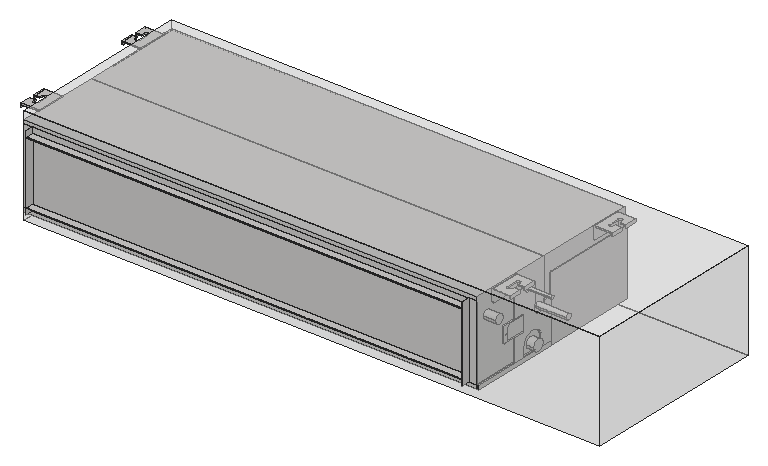
Revit family "outputfile", category 機械設備, Revit 2024
Family settings
  丸型コネクタ寸法 = 半径を使用
  パーツ タイプ = 標準
  OmniClass 番号 = 23.75.10.24.21.27.27
  OmniClass タイトル = Split System Air Conditioning Units
  作業面ベース = いいえ
  常に垂直 = はい
  ロード時にボイドで切り取り = いいえ
  注釈の向きを維持 = いいえ
  共有 = いいえ
  部屋計算ポイント = はい
Parameters (values of type "FDYBA71AV1")
  Description = ""
  書き出し IFC クラス(タイプ) = "IfcUnitaryEquipmentType"
  定義済み IFC タイプ(タイプ) = "AIRCONDITIONINGUNIT"
  Cost = 0
  Type Comments = ""
  Keynote = ""
  Type Image = (empty or 0)
  Assembly Code = ""
  switch_frequency = yes
  lw_socket for drain = 20.0 mm
  lw_liquidpipe = 64.0 mm
  lw_gaspipe = 76.0 mm
  lw_drainpipe = 33.0 mm
  lh_socket for drain = 168.0 mm
  ld_socket for drain = 162.0 mm
  製造元 = "Daikin"
  モデル = "FDYBA71AV1"
  r_Liquid Pipe Size = Liquid Pipe Size / 2  # 3.2 mm
  r_Gas Pipe Size = Gas Pipe Size / 2  # 6.35 mm
  r_Drain Pipe Size = Drain Pipe Size / 2  # 10.0 mm
  lw_powersuply = 65.0 mm  # constant formula
  lh_suctionflange [instance] = [h***] + 100.5 mm  # 100.5 mm
  lh_mounting = lh_mountinghole + [h***]  # 200.0 mm
  ld_suctionflange [instance] = if(and(Rear Connection_Return Air, Width = 700.0 mm), 94.5 mm, if(and(Rear Connection_Return Air, Width = 900.0 mm), 94.0 mm, if(and(Rear Connection_Return Air, Width = 1100.0 mm), 94.0 mm, 100.5 mm)))  # 94.0 mm
  ld_powersuply = 410.0 mm  # constant formula
  ld_mountinghole_Back = 165.0 mm
  ld_mountinghole_Front = 144.0 mm
  ld_RA_below = if(Width = 700.0 mm, 189.0 mm, 188.0 mm)  # 188.0 mm
  ld_RA = if(Width = 700.0 mm, 94.5 mm, 94.0 mm)  # 94.0 mm
  connector_voltage = Voltage_50Hz  # 230 V
  connector_powerinput = if([Power Input (Cooling)] > [Power Input (Heating)], [Power Input (Cooling)], [Power Input (Heating)])  # 0.000 kW
  connector_phase = Phase_50Hz  # 1
  angle_vertical_RA [instance] = if(Rear Connection_Return Air, 90.00°, 0.00°)  # 90.00°
  angle horizontal_RA [instance] = if(Rear Connection_Return Air, 180.00°, 270.00°)  # 180.00°
  Voltage_comment_50Hz = "220 - 240"
  Voltage_50Hz = 230 V
  URL = ""
  Supply Air Direction [instance] = yes
  Sound Power Level_H speed (dB) = 0
  Rear Connection_Return Air [instance] = not(Bottom Connection_Return Air)  # yes
  Phase_50Hz = 1
  Minimum External Static Pressure = 10.00 Pa
  Minimum Circuit Amps_50Hz = 0.0 A
  Maximum Fuse Amps_50Hz = 0.0 A
  Maximum External Static Pressure = 40.00 Pa
  Material_Casing = DAIKIN_GalvanizedSteel_Casing_indoorunit
  ld_liquidpipe = 150.0 mm
  ld_gaspipe = 184.0 mm  # constant formula
  lw_mountinghole = Width + 52.0 mm  # 1152.0 mm
  ld_drainpipe = 28.0 mm  # constant formula
  lh_liquidpipe = 43.0 mm
  lh_gaspipe = 96.0 mm
  lh_mountinghole = 200.0 mm  # constant formula
  lh_drainpipe = 48.0 mm
  h_antenna = Height - lh_mountinghole + 1.0 mm  # 1.0 mm
  h*** = 0.0 mm  # constant formula
  Width = 1100.0 mm
  Version = "ver.1.0"
  Unit Type = "DAS Duct (Demand Response)"
  Unit Mass Weight = 24.00 kg
  Unit Designation [instance] = ""
  Uniclass2015Version = "Products v1.30"
  Uniclass2015Title = "Split coil room air conditioning units"
  Uniclass2015Code = "Pr_70_65_03_86"
  Total Heating Capacity [instance] = 0.000 kW
  Total Cooling Capacity [instance] = 0.000 kW
  Sound Pressure Level_M speed (dBA) = 0
  Sound Pressure Level_L speed (dBA) = 27.2
  Sound Pressure Level_H speed (dBA) = 47.7
  Series = "SkyAir_Fan Coil Unit"
  Sensible Cooling Capacity [instance] = 0.000 kW
  SA Duct Size Width = 1060.0 mm
  SA Duct Size Height = 153.0 mm
  Refrigerant Type = "R32"
  RA Duct Size Width = 975.0 mm
  RA Duct Size Height = 163.0 mm
  Power Input (Heating) = 0.000 kW
  Power Input (Cooling) = 0.000 kW
  Option Accessory 3 [instance] = ""
  Option Accessory 2 [instance] = ""
  Option Accessory 1 [instance] = ""
  Nominal Heating Capacity = 8.000 kW
  Nominal Cooling Capacity = 6.900 kW
  Minimum Airflow = 486.00 m³/h
  Median Airflow = 816.00 m³/h
  Maximum Airflow = 1170.00 m³/h
  Load Classification = HVAC
  Liquid Pipe Size = 6.4 mm
  Link_Nested Family [instance] = ""
  IfcVersion = ""
  IfcExportType = "AIRCONDITIONINGUNIT"
  IfcExportAs = "IfcUnitaryEquipmentType"
  Height = 200.0 mm
  Heating Entering Wet Bulb Temperature [instance] = 0.00 °C
  Heating Entering Dry Bulb Temperature [instance] = 0.00 °C
  Heating Ambient Wet Bulb Temperature [instance] = 0.00 °C
  Heating Ambient Dry Bulb Temperature [instance] = 0.00 °C
  Heat Exchanger Type = "Cross Fin Coil"
  Gas Pipe Size = 12.7 mm
  Frequency_50Hz = 50 Hz
  Fan Type = "Sirocco Fan"
  Fan Drive = "Direct Drive"
  FCU Tag No. [instance] = ""
  Drain Pipe Size = 20.0 mm
  Design Supply Airflow [instance] = 0.00 m³/h
  Design Return Airflow [instance] = 0.00 m³/h
  Design External Static Pressure [instance] = 0.00 Pa
  Depth = 450.0 mm
  既定の高さ = 0.0 mm
  Cooling Entering Wet Bulb Temperature [instance] = 0.00 °C
  Cooling Entering Dry Bulb Temperature [instance] = 0.00 °C
  Cooling Ambient Wet Bulb Temperature [instance] = 0.00 °C
  Cooling Ambient Dry Bulb Temperature [instance] = 0.00 °C
  Clearance visibility [instance] = yes
  Clearance Top = 20.0 mm
  Clearance Right = 300.0 mm
  Clearance Rear = 0.0 mm
  Clearance Left = 0.0 mm
  Clearance Front = 0.0 mm
  Clearance Bottom = 20.0 mm
  Bottom Connection_Return Air [instance] = no
Reference planes
  plane 1 "Center (Front/Back)": y = 0
  plane 2 "Bottom": z = -200
  plane 3 "Center (Left/Right)": x = 0
  plane 4 "Back": y = 225
  plane 5 "Front": y = -225
  plane 6 "Left": x = -550
  plane 7 "Right": x = 550
  plane 8 "Top": z = 0
  plane 9 "BB": y = -20
  plane 10 "condensate water pan": z = -190
  plane 11 "Below": z = -200
  plane 12 "Other components Right": x = 555
  plane 13 "Other components Left": x = 545
  plane 14 "lh_drainpipe": z = -48
  plane 15 "ld_drainpipe": y = -197
  plane 16 "drainpipe": x = 583
  plane 17 "lh_liquidpipe": z = -43
  plane 18 "ld_liquidpipe": y = -75
  plane 19 "ld_gaspipe": y = -41
  plane 20 "lh_gaspipe": z = -96
  plane 21: x = 614
  plane 22: x = 626
  plane 23: x = 570
  plane 24 "w_mountinghole_Left": x = -576
  plane 25 "w_mountinghole_Right": x = 576
  plane 26 "d_mountinghole_Back": y = 165
  plane 27 "d_mountinghole_Front": y = -144
  plane 28 "h_mountinghole": z = 0
  plane 29 "lw_powersuply": x = 485
  plane 30 "ld_powersuply": y = 185
  plane 31 "Clearance Left": x = -550
  plane 32 "Clearance Right": x = 850
  plane 33 "Clearance Rear": y = 225
  plane 34 "Clearance Front": y = -225
  plane 35 "Clearance Bottom": z = -220
  plane 36 "Clearance Top": z = 20
  plane 37 "RA": y = 224
  plane 38: z = -199
  plane 39 "RA_d": y = 131
  plane 40 "RA_w": x = -51.5
  plane 41 "RA_h": z = -99.5
  plane 42 "SA_h": z = -99
  plane 43 "RA_dd": y = 37
  plane 44: y = -63
  plane 45: z = -168
Forms (mm)
  Extrusion 1, solid, material "DAIKIN_GalvanizedSteel_Casing_indoorunit" <- "Material_Casing"
    sketch origin (0, 0, 100) x (0, 1, 0) y (0, 0, 1)
      loop
        line (-20, -100) -> (-20, -300) -> (225, -300) -> (225, -100) -> (-20, -100)
    from -550 to 550
  Extrusion 2, solid, material "DAIKIN_GalvanizedSteel_Casing_indoorunit" <- "Material_Casing"
    sketch origin (0, 0, 100) x (0, 1, 0) y (0, 0, 1)
      loop
        line (-225, -100) -> (-225, -290) -> (-20, -290) -> (-20, -100) -> (-225, -100)
    from -550 to 550
  Extrusion 3, solid, material "DAIKIN_GalvanizedSteel_Casing_indoorunit" <- "Material_Casing"
    sketch origin (0, 0, 100) x (0, 1, 0) y (0, 0, 1)
      loop
        line (-225, -290) -> (-225, -300) -> (-20, -300) -> (-20, -290) -> (-225, -290)
    from -550 to 550
  Extrusion 4, solid, material "DAIKIN_GalvanizedSteel_Casing_indoorunit" <- "Material_Casing"
    sketch origin (0, 0, 0) x (0, 1, 0) y (0, 0, 1)
      loop
        arc (-2, -40) -> (-4.121, -40.879) -> (-5, -43) r 3
        line (-5, -43) -> (-5, -197)
        arc (-5, -197) -> (-4.121, -199.121) -> (-2, -200) r 3
        line (-2, -200) -> (225, -200) -> (225, -40) -> (-2, -40)
    from 550 to 555
  Extrusion 5, solid, material "DAIKIN_GalvanizedSteel_Casing_indoorunit" <- "Material_Casing"
    sketch origin (620, 0, 0) x (0, 1, 0) y (0, 0, 1)
      loop
        line (-225, -190) -> (-225, -200) -> (-5, -200) -> (-5, -193)
        arc (-5, -193) -> (-5.879, -190.879) -> (-8, -190) r 3
        line (-8, -190) -> (-225, -190)
    from -70 to -65
  Extrusion 6, void
    sketch origin (0, 0, 0) x (0, 1, 0) y (0, 0, 1)
      loop
        arc (-145.64, -94.17) -> (-147.761, -95.049) -> (-148.64, -97.17) r 3
        line (-148.64, -97.17) -> (-148.64, -131.17)
        arc (-148.64, -131.17) -> (-147.761, -133.291) -> (-145.64, -134.17) r 3
        line (-145.64, -134.17) -> (-91.78, -134.17)
        arc (-91.78, -134.17) -> (-89.659, -133.291) -> (-88.78, -131.17) r 3
        line (-88.78, -131.17) -> (-88.78, -97.17)
        arc (-88.78, -97.17) -> (-89.659, -95.049) -> (-91.78, -94.17) r 3
        line (-91.78, -94.17) -> (-145.64, -94.17)
    from 545 to 555
  Extrusion 7, solid, material "DAIKIN_GalvanizedSteel_Casing_indoorunit" <- "Material_Casing"
    sketch origin (0, 0, 0) x (0, 1, 0) y (0, 0, 1)
      loop
        line (-91.78, -95.17) -> (-145.64, -95.17)
        arc (-145.64, -95.17) -> (-147.054, -95.756) -> (-147.64, -97.17) r 2
        line (-147.64, -97.17) -> (-147.64, -131.17)
        arc (-147.64, -131.17) -> (-147.054, -132.584) -> (-145.64, -133.17) r 2
        line (-145.64, -133.17) -> (-91.78, -133.17)
        arc (-91.78, -133.17) -> (-90.366, -132.584) -> (-89.78, -131.17) r 2
        line (-89.78, -131.17) -> (-89.78, -97.17)
        arc (-89.78, -97.17) -> (-90.366, -95.756) -> (-91.78, -95.17) r 2
    from 545 to 555
  Extrusion 8, solid, material "DAIKIN_GalvanizedSteel_Casing_indoorunit" <- "Material_Casing"
    sketch origin (0, 0, 0) x (0, 1, 0) y (0, 0, 1)
      loop
        line (-89.78, -97.67) -> (-136.14, -97.67) -> (-136.14, -130.67) -> (-89.78, -130.67) -> (-89.78, -97.67)
      loop
        circle (-142.64, -114.17) r 1.5
    from 550 to 555
  Extrusion 9, solid, material "DAIKIN_GalvanizedSteel_Casing_indoorunit" <- "Material_Casing"
    sketch origin (0, 0, 0) x (0, 1, 0) y (0, 0, 1)
      loop
        circle (-197, -48) r 10
    from 550 to 583
  Extrusion 10, solid, material "DAIKIN_GalvanizedSteel_Casing_indoorunit" <- "Material_Casing"
    sketch origin (0, 0, 0) x (0, 1, 0) y (0, 0, 1)
      loop
        circle (-75, -43) r 3.2
    from 550 to 614
  Extrusion 11, solid, material "DAIKIN_GalvanizedSteel_Casing_indoorunit" <- "Material_Casing"
    sketch origin (0, 0, 0) x (0, 1, 0) y (0, 0, 1)
      loop
        circle (-41, -96) r 6.35
    from 550 to 626
  Extrusion 12, solid, material "DAIKIN_GalvanizedSteel_Casing_indoorunit" <- "Material_Casing"
    sketch origin (0, 0, 0) x (0, 1, 0) y (0, 0, 1)
      loop
        circle (-63, -168) r 13
    from 550 to 570
  Extrusion 13, void
    sketch origin (0, 0, 0) x (1, 0, 0) y (0, 0, 1)
      loop
        line (446, -1) -> (-549, -1) -> (-549, -200) -> (446, -200) -> (446, -1)
    from -225 to -37
  Extrusion 14, solid, material "DAIKIN_GalvanizedSteel_Casing_indoorunit" <- "Material_Casing", visible <- "Bottom Connection_Return Air"
    sketch origin (0, 0, 0) x (1, 0, 0) y (0, 0, 1)
      loop
        line (446, -1) -> (-549, -1) -> (-549, -200) -> (446, -200) -> (446, -1)
    from -225 to -224
  Extrusion 15, solid, material "DAIKIN_GalvanizedSteel_Casing_indoorunit" <- "Material_Casing", visible <- "Rear Connection_Return Air"
    sketch origin (0, 0, 0) x (1, 0, 0) y (0, 1, 0)
      loop
        line (-549, 37) -> (446, 37) -> (446, 225) -> (-549, 225) -> (-549, 37)
    from -200 to -199
  Extrusion 16, solid, material "DAIKIN_GalvanizedSteel_Casing_indoorunit" <- "Material_Casing"
    sketch origin (550, 0, 0) x (0, 1, 0) y (0, 0, 1)
      loop
        line (-115, -39) -> (-115, -94.17) -> (-90.78, -94.17)
        arc (-90.78, -94.17) -> (-88.659, -95.049) -> (-87.78, -97.17) r 3
        line (-87.78, -97.17) -> (-87.78, -131.17)
        arc (-87.78, -131.17) -> (-88.659, -133.291) -> (-90.78, -134.17) r 3
        line (-90.78, -134.17) -> (-116, -134.17) -> (-116, -190) -> (-90, -190) -> (-90, -168)
        arc (-90, -168) -> (-63, -141) -> (-36, -168) r 27
        line (-36, -168) -> (-36, -190) -> (-5, -190) -> (-5, -91) -> (-25.125, -91)
        arc (-25.125, -91) -> (-43.209, -112.496) -> (-55, -87) r 16.643
        line (-55, -87) -> (-55, -39) -> (-65.835, -39)
        arc (-65.835, -39) -> (-75, -53) -> (-84.165, -39) r 10
        line (-84.165, -39) -> (-115, -39)
    from 0 to 5
Cuts and joins
  Extrusion 6 cuts Extrusion 2
  Extrusion 13 cuts Extrusion 1
Dimensions and locks
  equal spacing: plane 4 "Back", plane 1 "Center (Front/Back)", plane 5 "Front"
  "Depth": plane 4 "Back" to plane 5 "Front"
  equal spacing: plane 6 "Left", plane 3 "Center (Left/Right)", plane 7 "Right"
  "Width": plane 6 "Left" to plane 7 "Right"
  locked: plane 1 "Center (Front/Back)" to plane 9 "BB" at 20
  "h***": plane 11 "Below" to plane 2 "Bottom"
  locked: plane 10 "condensate water pan" to plane 11 "Below" at 10
  "Height": plane 8 "Top" to plane 11 "Below"
  locked: Extrusion 4 sketch curve to plane 4 "Back" at 230
  locked: Extrusion 4 sketch curve to plane 11 "Below" at 160
  locked: plane 7 "Right" to plane 12 "Other components Right" at 5
  locked: plane 13 "Other components Left" to plane 7 "Right" at 5
  "ld_drainpipe": plane 15 "ld_drainpipe" to plane 5 "Front"
  "lw_drainpipe": plane 7 "Right" to plane 16 "drainpipe"
  "ld_liquidpipe": plane 18 "ld_liquidpipe" to plane 5 "Front"
  "ld_gaspipe": plane 19 "ld_gaspipe" to plane 5 "Front"
  "lw_liquidpipe": plane 7 "Right" to plane 21
  "lw_gaspipe": plane 7 "Right" to plane 22
  "lw_socket for drain": plane 7 "Right" to plane 23
  equal spacing: plane 24 "w_mountinghole_Left", plane 3 "Center (Left/Right)", plane 25 "w_mountinghole_Right"
  "lw_mountinghole": plane 24 "w_mountinghole_Left" to plane 25 "w_mountinghole_Right"
  plane 26 "d_mountinghole_Back" to plane 27 "d_mountinghole_Front" = 309.0 mm
  "lh_mountinghole": plane 28 "h_mountinghole" to plane 11 "Below"
  "lw_powersuply": plane 29 "lw_powersuply" to plane 7 "Right"
  "ld_powersuply": plane 5 "Front" to plane 30 "ld_powersuply"
  "Clearance Rear": plane 33 "Clearance Rear" to plane 4 "Back"
  "Clearance Front": plane 5 "Front" to plane 34 "Clearance Front"
  "Clearance Bottom": plane 11 "Below" to plane 35 "Clearance Bottom"
  "Clearance Top": plane 36 "Clearance Top" to plane 8 "Top"
  "Clearance Left": plane 31 "Clearance Left" to plane 6 "Left"
  "Clearance Right": plane 7 "Right" to plane 32 "Clearance Right"
  locked: cut or joined group of Extrusion 1, Extrusion 13 to plane 6 "Left" at 1
  locked: plane 7 "Right" to cut or joined group of Extrusion 1, Extrusion 13 at 104
  locked: plane 4 "Back" to plane 37 "RA" at 1
  locked: plane 6 "Left" to Extrusion 15 sketch curve at 1
  locked: Extrusion 15 sketch curve to plane 7 "Right" at 104
  locked: plane 38 to plane 11 "Below" at 1
  locked: plane 40 "RA_w" to plane 3 "Center (Left/Right)" at 51.5
  "ld_RA": plane 39 "RA_d" to plane 4 "Back"
  locked: plane 11 "Below" to plane 41 "RA_h" at 100.5
  locked: plane 11 "Below" to plane 42 "SA_h" at 101
  "ld_mountinghole_Back": plane 26 "d_mountinghole_Back" to plane 1 "Center (Front/Back)"
  "ld_mountinghole_Front": plane 27 "d_mountinghole_Front" to plane 1 "Center (Front/Back)"
  "ld_RA_below": plane 4 "Back" to plane 43 "RA_dd"
  plane 27 "d_mountinghole_Front" to plane 5 "Front" = 81.0 mm
  "lh_drainpipe": plane 8 "Top" to plane 14 "lh_drainpipe"
  "lh_liquidpipe": plane 8 "Top" to plane 17 "lh_liquidpipe"
  "lh_gaspipe": plane 8 "Top" to plane 20 "lh_gaspipe"
  "ld_socket for drain": plane 44 to plane 5 "Front"
  "lh_socket for drain": plane 8 "Top" to plane 45
  locked: Extrusion 16 sketch curve to Extrusion 16 sketch curve at 111
  locked: Extrusion 16 sketch curve to Extrusion 16 sketch curve at 151
  "r_Liquid Pipe Size": radius of Extrusion 10 sketch curve
  "r_Gas Pipe Size": radius of Extrusion 11 sketch curve
  "r_Drain Pipe Size": radius of Extrusion 9 sketch curve
  aligned and locked: Extrusion 1 sketch curve to plane 8 "Top"
  aligned and locked: plane 9 "BB" to Extrusion 1 sketch curve
  aligned and locked: Extrusion 1 sketch curve to plane 4 "Back"
  aligned and locked: Extrusion 2 sketch curve to plane 9 "BB"
  aligned and locked: Extrusion 2 sketch curve to plane 8 "Top"
  aligned and locked: plane 5 "Front" to Extrusion 2 sketch curve
  aligned and locked: Extrusion 1 to plane 6 "Left"
  aligned and locked: plane 7 "Right" to Extrusion 1
  aligned and locked: Extrusion 2 to plane 6 "Left"
  aligned and locked: plane 7 "Right" to Extrusion 2
  aligned and locked: plane 10 "condensate water pan" to Extrusion 2 sketch curve
  aligned and locked: Extrusion 3 sketch curve to plane 10 "condensate water pan"
  aligned and locked: plane 5 "Front" to Extrusion 3 sketch curve
  aligned and locked: Extrusion 3 sketch curve to plane 9 "BB"
  aligned and locked: Extrusion 3 to plane 6 "Left"
  aligned and locked: plane 7 "Right" to Extrusion 3
  aligned and locked: plane 11 "Below" to Extrusion 3
  aligned and locked: Extrusion 1 to plane 11 "Below"
  aligned and locked: plane 11 "Below" to Extrusion 4 sketch curve
  aligned and locked: Extrusion 4 sketch curve to plane 4 "Back"
  aligned and locked: Extrusion 4 to plane 7 "Right"
  aligned and locked: plane 12 "Other components Right" to Extrusion 4
  aligned and locked: Extrusion 5 sketch curve to plane 10 "condensate water pan"
  aligned and locked: plane 5 "Front" to Extrusion 5 sketch curve
  aligned and locked: plane 11 "Below" to Extrusion 5 sketch curve
  aligned and locked: Extrusion 5 to plane 7 "Right"
  aligned and locked: plane 12 "Other components Right" to Extrusion 5
  aligned and locked: Extrusion 6 to plane 13 "Other components Left"
  aligned and locked: plane 12 "Other components Right" to Extrusion 6
  aligned and locked: Extrusion 8 to plane 7 "Right"
  aligned and locked: Extrusion 7 to plane 13 "Other components Left"
  aligned and locked: plane 16 "drainpipe" to Extrusion 9
  aligned and locked: Extrusion 9 to plane 7 "Right"
  aligned and locked: plane 12 "Other components Right" to Extrusion 7
  aligned and locked: plane 12 "Other components Right" to Extrusion 8
  aligned and locked: Extrusion 10 to plane 7 "Right"
  aligned and locked: plane 21 to Extrusion 10
  aligned and locked: plane 19 "ld_gaspipe" to Extrusion 11 sketch curve
  aligned and locked: plane 20 "lh_gaspipe" to Extrusion 11 sketch curve
  aligned and locked: plane 18 "ld_liquidpipe" to Extrusion 10 sketch curve
  aligned and locked: plane 17 "lh_liquidpipe" to Extrusion 10 sketch curve
  aligned and locked: plane 14 "lh_drainpipe" to Extrusion 9 sketch curve
  aligned and locked: plane 15 "ld_drainpipe" to Extrusion 9 sketch curve
  aligned and locked: Extrusion 11 to plane 7 "Right"
  aligned and locked: plane 22 to Extrusion 11
  aligned and locked: Extrusion 12 to plane 7 "Right"
  aligned and locked: plane 23 to Extrusion 12
  aligned and locked: plane 25 "w_mountinghole_Right" to nested 2
  aligned and locked: plane 26 "d_mountinghole_Back" to nested 2
  aligned and locked: plane 28 "h_mountinghole" to nested 2
  aligned and locked: plane 27 "d_mountinghole_Front" to nested 3
  aligned and locked: plane 25 "w_mountinghole_Right" to nested 3
  aligned and locked: plane 24 "w_mountinghole_Left" to nested 4
  aligned and locked: plane 26 "d_mountinghole_Back" to nested 4
  aligned and locked: plane 24 "w_mountinghole_Left" to nested 5
  aligned and locked: nested 5 to plane 27 "d_mountinghole_Front"
  aligned and locked: plane 28 "h_mountinghole" to nested 4
  aligned and locked: plane 28 "h_mountinghole" to nested 5
  aligned and locked: plane 28 "h_mountinghole" to nested 3
  aligned and locked: plane 24 "w_mountinghole_Left" to nested 1
  aligned and locked: nested 1 to plane 26 "d_mountinghole_Back"
  aligned and locked: plane 27 "d_mountinghole_Front" to nested 6
  aligned and locked: plane 24 "w_mountinghole_Left" to nested 6
  aligned and locked: nested 7 to plane 25 "w_mountinghole_Right"
  aligned and locked: plane 26 "d_mountinghole_Back" to nested 7
  aligned and locked: plane 27 "d_mountinghole_Front" to nested 8
  aligned and locked: nested 8 to plane 25 "w_mountinghole_Right"
  aligned and locked: plane 15 "ld_drainpipe" to nested 9
  aligned and locked: plane 7 "Right" to nested 9
  aligned and locked: plane 14 "lh_drainpipe" to nested 9
  aligned and locked: plane 7 "Right" to nested 11
  aligned and locked: plane 7 "Right" to nested 10
  aligned and locked: plane 18 "ld_liquidpipe" to nested 10
  aligned and locked: plane 19 "ld_gaspipe" to nested 11
  aligned and locked: nested 10 to plane 17 "lh_liquidpipe"
  aligned and locked: nested 11 to plane 20 "lh_gaspipe"
  aligned and locked: plane 31 "Clearance Left" to nested 12
  aligned and locked: nested 12 to plane 33 "Clearance Rear"
  aligned and locked: plane 34 "Clearance Front" to nested 12
  aligned and locked: nested 12 to plane 32 "Clearance Right"
  aligned and locked: plane 36 "Clearance Top" to nested 12
  aligned and locked: plane 35 "Clearance Bottom" to nested 12
  aligned and locked: nested 13 to plane 29 "lw_powersuply"
  aligned and locked: plane 30 "ld_powersuply" to nested 13
  aligned and locked: nested 13 to plane 20 "lh_gaspipe"
  aligned and locked: plane 3 "Center (Left/Right)" to nested 14
  aligned and locked: plane 1 "Center (Front/Back)" to nested 14
  aligned and locked: plane 1 "Center (Front/Back)" to nested 15
  aligned and locked: nested 15 to plane 11 "Below"
  aligned and locked: plane 3 "Center (Left/Right)" to nested 16
  aligned and locked: plane 3 "Center (Left/Right)" to nested 17
  aligned and locked: plane 8 "Top" to nested 16
  aligned and locked: plane 4 "Back" to Extrusion 13
  aligned and locked: plane 4 "Back" to Extrusion 14
  aligned and locked: Extrusion 14 to plane 37 "RA"
  aligned and locked: Extrusion 15 to plane 11 "Below"
  aligned and locked: plane 38 to Extrusion 15
  aligned and locked: plane 39 "RA_d" to nested 18
  aligned and locked: plane 1 "Center (Front/Back)" to nested 19
  aligned and locked: plane 3 "Center (Left/Right)" to nested 19
  aligned and locked: plane 42 "SA_h" to nested 19
  aligned and locked: nested 16 to plane 37 "RA"
  aligned and locked: nested 16 to plane 4 "Back"
  aligned and locked: nested 17 to plane 38
  aligned and locked: nested 17 to plane 37 "RA"
  aligned and locked: Extrusion 13 to plane 43 "RA_dd"
  aligned and locked: Extrusion 15 sketch curve to plane 43 "RA_dd"
  aligned and locked: level to plane 8 "Top"
  aligned and locked: plane 45 to Extrusion 12 sketch curve
  aligned and locked: plane 44 to Extrusion 12 sketch curve
  aligned and locked: Extrusion 4 to Extrusion 16 sketch curve
Automatic sketch dimensions
  Extrusion 1 sketch curve to plane 10 "condensate water pan" = 10.0 mm
  Extrusion 3 sketch curve to plane 10 "condensate water pan" = 10.0 mm
  Extrusion 4 sketch curve to plane 10 "condensate water pan" = 7.0 mm
  plane 1 "Center (Front/Back)" to Extrusion 4 sketch curve = 2.0 mm
  plane 1 "Center (Front/Back)" to Extrusion 5 sketch curve = 5.0 mm
  Extrusion 5 sketch curve to plane 10 "condensate water pan" = 3.0 mm
  plane 5 "Front" to Extrusion 6 sketch curve = 76.36 mm
  Extrusion 6 sketch curve to Extrusion 6 sketch curve = 3.0 mm  (x3)
  Extrusion 6 sketch curve to Extrusion 6 sketch curve = 53.86 mm
  Extrusion 6 sketch curve to Extrusion 6 sketch curve = 0.0 mm
  plane 10 "condensate water pan" to Extrusion 6 sketch curve = 55.83 mm
  Extrusion 6 sketch curve to Extrusion 6 sketch curve = 34.0 mm
  plane 5 "Front" to Extrusion 7 sketch curve = 79.36 mm
  Extrusion 7 sketch curve to Extrusion 7 sketch curve = 2.0 mm  (x3)
  Extrusion 7 sketch curve to Extrusion 7 sketch curve = 53.86 mm
  Extrusion 7 sketch curve to Extrusion 7 sketch curve = 0.0 mm
  plane 10 "condensate water pan" to Extrusion 7 sketch curve = 56.83 mm
  Extrusion 7 sketch curve to Extrusion 7 sketch curve = 34.0 mm
  plane 5 "Front" to Extrusion 8 sketch curve = 82.36 mm
  Extrusion 8 sketch curve to Extrusion 8 sketch curve = 6.5 mm
  Extrusion 8 sketch curve to Extrusion 8 sketch curve = 46.36 mm
  plane 10 "condensate water pan" to Extrusion 8 sketch curve = 59.33 mm
  Extrusion 8 sketch curve to Extrusion 8 sketch curve = 16.5 mm  (x2)
  plane 6 "Left" to Extrusion 13 sketch curve = 1.0 mm
  plane 35 "Clearance Bottom" to Extrusion 13 sketch curve = 20.0 mm
  plane 29 "lw_powersuply" to Extrusion 13 sketch curve = 39.0 mm
  Extrusion 13 sketch curve to plane 8 "Top" = 1.0 mm
  plane 6 "Left" to Extrusion 14 sketch curve = 1.0 mm
  Extrusion 14 sketch curve to plane 11 "Below" = 0.0 mm
  plane 29 "lw_powersuply" to Extrusion 14 sketch curve = 39.0 mm
  Extrusion 14 sketch curve to plane 8 "Top" = 1.0 mm
  Extrusion 15 sketch curve to plane 4 "Back" = 0.0 mm
  Extrusion 16 sketch curve to plane 10 "condensate water pan" = 0.0 mm  (x2)
  Extrusion 16 sketch curve to plane 17 "lh_liquidpipe" = 0.0 mm
  Extrusion 16 sketch curve to plane 18 "ld_liquidpipe" = 0.0 mm
  Extrusion 16 sketch curve to plane 44 = 0.0 mm
  Extrusion 16 sketch curve to plane 19 "ld_gaspipe" = 0.0 mm
  Extrusion 16 sketch curve to plane 45 = 0.0 mm
  Extrusion 16 sketch curve to plane 20 "lh_gaspipe" = 0.0 mm
  Extrusion 16 sketch curve to plane 18 "ld_liquidpipe" = 9.165 mm
  Extrusion 16 sketch curve to plane 20 "lh_gaspipe" = 1.17 mm
  Extrusion 16 sketch curve to plane 18 "ld_liquidpipe" = 12.78 mm
  Extrusion 16 sketch curve to Extrusion 16 sketch curve = 3.0 mm
  plane 20 "lh_gaspipe" to Extrusion 16 sketch curve = 1.83 mm
  Extrusion 16 sketch curve to Extrusion 16 sketch curve = 24.22 mm
  plane 17 "lh_liquidpipe" to Extrusion 16 sketch curve = 4.0 mm
  plane 44 to Extrusion 16 sketch curve = 8.0 mm
  plane 45 to Extrusion 16 sketch curve = 33.83 mm
  plane 20 "lh_gaspipe" to Extrusion 16 sketch curve = 5.0 mm
  plane 20 "lh_gaspipe" to Extrusion 16 sketch curve = 9.0 mm
  plane 19 "ld_gaspipe" to Extrusion 16 sketch curve = 5.0 mm
  Extrusion 16 sketch curve to Extrusion 16 sketch curve = 0.0 mm
  radius of Extrusion 8 sketch curve = 1.5 mm
  radius of Extrusion 12 sketch curve = 13.0 mm
Nested families
  nested 1: "daikin_mountinghole" at (-576, 165, -200), h_mountinghole <- "lh_mounting", l_antenna <- "h_antenna", Link_Nested Family <- "Link_Nested Family", type "daikin_mountinghole"
    with show yes, l_antenna 1.0 mm, h_mountinghole 200.0 mm, Link_Nested Family ""
  nested 2: "daikin_hangerfixture_FDYBA-AV1" at (550, 165, 0), type "daikin_hangerfixture_FDYBA-AV1"
  nested 3: "daikin_hangerfixture_FDYBA-AV1" at (550, -144, 0), type "daikin_hangerfixture_FDYBA-AV1"
  nested 4: "daikin_hangerfixture_FDYBA-AV1" at (-550, 165, 0) x (-1, 0, 0) z (0, 0, 1), type "daikin_hangerfixture_FDYBA-AV1"
  nested 5: "daikin_hangerfixture_FDYBA-AV1" at (-550, -144, 0) x (-1, 0, 0) z (0, 0, 1), type "daikin_hangerfixture_FDYBA-AV1"
  nested 6: "daikin_mountinghole" at (-576, -144, -200), h_mountinghole <- "lh_mounting", l_antenna <- "h_antenna", Link_Nested Family <- "Link_Nested Family", type "daikin_mountinghole"
    with show yes, l_antenna 1.0 mm, h_mountinghole 200.0 mm, Link_Nested Family ""
  nested 7: "daikin_mountinghole" at (576, 165, -200), h_mountinghole <- "lh_mounting", l_antenna <- "h_antenna", Link_Nested Family <- "Link_Nested Family", type "daikin_mountinghole"
    with show yes, l_antenna 1.0 mm, h_mountinghole 200.0 mm, Link_Nested Family ""
  nested 8: "daikin_mountinghole" at (576, -144, -200), h_mountinghole <- "lh_mounting", l_antenna <- "h_antenna", Link_Nested Family <- "Link_Nested Family", type "daikin_mountinghole"
    with show yes, l_antenna 1.0 mm, h_mountinghole 200.0 mm, Link_Nested Family ""
  nested 9: "daikin_connector_rotate2" at (550, -197, -48) x (0, 1, 0) z (0, 0, 1), radius <- "r_Drain Pipe Size", type "daikin_connector_rotate2"
    with radius 10.0 mm, length 33.0 mm, angle_vertical 90.00°, show_face no
  nested 10: "daikin_connector_rotate2" at (550, -75, -43) x (0, 1, 0) z (0, 0, 1), radius <- "r_Liquid Pipe Size", type "daikin_connector_rotate2"
    with radius 3.2 mm, length 64.0 mm, angle_vertical 90.00°, show_face no
  nested 11: "daikin_connector_rotate2" at (550, -41, -96) x (0, 1, 0) z (0, 0, 1), radius <- "r_Gas Pipe Size", type "daikin_connector_rotate2"
    with radius 6.35 mm, length 76.0 mm, angle_vertical 90.00°, show_face no
  nested 12: "daikin_clearancespace" at (150, 0, -99.881), visible <- "Clearance visibility", show <- "Clearance visibility", Link_Nested Family <- "Link_Nested Family", type "daikin_clearancespace"
    with width 1400.0 mm, show yes, height 240.0 mm, depth 450.0 mm, Link_Nested Family ""
  nested 13: "daikin_connector_rotate2" at (485, 185, -96) x (1, 0, 0) z (0, -1, 0), type "daikin_connector_rotate2"
    with radius 10.0 mm, length 104.0 mm, angle_vertical 90.00°, show_face no
  nested 14: "daikin_△_symbolicline" at (0, 0, 200), visible <- "Supply Air Direction", built-in parameter 1001360 <- "Height", type "daikin_△_symbolicline"
    with length 200.0 mm
  nested 15: "daikin_ductflange_FDYBA-AV1_1" at (0, 0, -364.701), width <- "SA Duct Size Width", height <- "SA Duct Size Height", material <- "Material_Casing", type "daikin_ductflange_FDYBA-AV1_1"
    with width 1060.0 mm, material DAIKIN_GalvanizedSteel_Casing_indoorunit, height 153.0 mm, depth 20.0 mm
  nested 16: "daikin_ductflange_FDYBA-AV1_2" at (0, 225, -99.5), visible <- "Rear Connection_Return Air", height <- "RA Duct Size Height", width <- "RA Duct Size Width", material <- "Material_Casing", type "daikin_ductflange_FDYBA-AV1_2"
    with width 975.0 mm, material DAIKIN_GalvanizedSteel_Casing_indoorunit, height 163.0 mm, depth 1.0 mm
  nested 17: "daikin_ductflange_FDYBA-AV1_2" at (0, 125.5, -200) x (1, 0, 0) z (0, 1, 0), visible <- "Bottom Connection_Return Air", width <- "RA Duct Size Width", height <- "RA Duct Size Height", type "daikin_ductflange_FDYBA-AV1_2"
    with width 975.0 mm, material DAIKIN_GalvanizedSteel_Casing_indoorunit, height 163.0 mm, depth 1.0 mm
  nested 18: "daikin_connector_rotate3" at (-51.5, 131, -99.5), angle_vertical <- "angle_vertical_RA", angle_horizontal <- "angle horizontal_RA", length <- "ld_suctionflange", built-in parameter 1001364 <- "lh_suctionflange", type "daikin_connector_rotate3"
    with show no, radius 10.0 mm, length 94.0 mm, angle_vertical 90.00°, angle_horizontal 180.00°
  nested 19: "daikin_connector_rotate2" at (0, 0, -99), type "daikin_connector_rotate2"
    with radius 10.0 mm, length 245.0 mm, angle_vertical 90.00°, show_face no
Connectors
  piping at (583, -197, -48), diameter 20, driven by "r_Drain Pipe Size"
    settings: on nested 9, index 1, connector inside diameter 609.6 mm, connector length 0.0 mm, flow factor 0, pipe flow 0.00 m³/h, pressure drop 0.0 Pa, fitting loss kfactor 0, connector angle 0.00°, fixture units 0, engagement length 0.0 mm, angle of deflection 0.00°, flow configuration 1, flow direction 2, fitting loss method 4, system type 16, joint type 0, gender type 0, connector reference index -1, connector utility 0, adjustable connector no, is connector primary yes, connector description "Condensate Drain Piping"
  piping at (626, -41, -96), diameter 12.7, driven by "r_Gas Pipe Size"
    settings: on nested 11, index 2, connector inside diameter 609.6 mm, connector length 0.0 mm, flow factor 0, pipe flow 0.00 m³/h, pressure drop 0.0 Pa, fitting loss kfactor 0, connector angle 0.00°, fixture units 0, engagement length 0.0 mm, angle of deflection 0.00°, flow configuration 1, flow direction 2, fitting loss method 0, system type 29, joint type 0, gender type 0, connector reference index -1, connector utility 0, adjustable connector no, is connector primary no, connector description "Refrigerant Gas Piping"
  piping at (614, -75, -43), diameter 6.4, driven by "r_Liquid Pipe Size"
    settings: on nested 10, index 3, connector inside diameter 609.6 mm, connector length 0.0 mm, flow factor 0, pipe flow 0.00 m³/h, pressure drop 0.0 Pa, fitting loss kfactor 0, connector angle 0.00°, fixture units 0, engagement length 0.0 mm, angle of deflection 0.00°, flow configuration 1, flow direction 1, fitting loss method 0, system type 29, joint type 0, gender type 0, connector reference index -1, connector utility 0, adjustable connector no, is connector primary no, connector description "Refrigerant Liquid Piping"
  electrical at (485, 185, -200), driven by "Load Classification", driven by "connector_powerinput", driven by "connector_phase", driven by "connector_voltage"
    settings: on nested 13, index 4, voltage 230 V, apparent load 0 VA, apparent load phase1 0 VA, apparent load phase2 0 VA, apparent load phase3 0 VA, power factor 1, load classification "HVAC", number of poles 1, system type 30, power factor state 1, is connector primary yes, connector utility no, sub classification motor no, connector description "Power Supply"
  hvac at (-51.5, 225, -99.5), driven by "RA Duct Size Height", driven by "RA Duct Size Width"
    settings: on nested 18, index 5, duct flow 0.00 m³/h, flow factor 0, pres drop 0.00 Pa, loss coef 0, conn angle 0.00°, conn width 975.0 mm, conn height 163.0 mm, conn diameter 609.6 mm, duct sys type 2, conn prof type 1, flow config 0, flow direction 1, loss method 4, conn ref index -1, conn util no, is conn primary yes, conn desc "RA Duct"
  hvac at (0, -245, -99), driven by "SA Duct Size Height", driven by "SA Duct Size Width"
    settings: on nested 19, index 6, duct flow 0.00 m³/h, flow factor 0, pres drop 0.00 Pa, loss coef 0, conn angle 0.00°, conn width 1060.0 mm, conn height 153.0 mm, conn diameter 609.6 mm, duct sys type 1, conn prof type 1, flow config 0, flow direction 2, loss method 4, conn ref index -1, conn util no, is conn primary no, conn desc "SA Duct"
Definition of nested family "daikin_hangerfixture_FDYBA-AV1"
  Parameters (values of type "daikin_hangerfixture_FDYBA-AV1")
    width = 46.0 mm
    material = none
    height = 32.0 mm
    depth = 70.0 mm
    Default Elevation = 0.0 mm
  Reference planes
    plane 1 "Center (Front/Back)": y = 0
    plane 2: z = 0
    plane 3 "Center (Left/Right)": x = 0
    plane 4: z = -32
    plane 5: y = 35
    plane 6: y = -35
    plane 7: x = 46
    plane 8: z = -2
    plane 9: x = 44
    plane 10: x = 2
    plane 11: x = 26
  Forms (mm)
    Extrusion 1, solid, material <- "material"
      sketch origin (0, 0, 0) x (1, 0, 0) y (0, 1, 0)
        loop
          line (0, 35) -> (0, -35) -> (46, -35) -> (46, -6.5) -> (31.85, -6.5) -> (31.85, -12.15)
          arc (31.85, -12.15) -> (26, -18) -> (20.15, -12.15) r 5.85
          line (20.15, -12.15) -> (20.15, 12.15)
          arc (20.15, 12.15) -> (26, 18) -> (31.85, 12.15) r 5.85
          line (31.85, 12.15) -> (31.85, 6.5) -> (46, 6.5) -> (46, 35) -> (0, 35)
      from -2 to 0
    Extrusion 2, solid, material <- "material"
      sketch origin (0, 0, 0) x (0, 1, 0) y (0, 0, 1)
        loop
          line (35, 0) -> (6.5, 0) -> (6.5, -5)
          arc (6.5, -5) -> (7.379, -7.121) -> (9.5, -8) r 3
          line (9.5, -8) -> (32, -8)
          arc (32, -8) -> (34.121, -7.121) -> (35, -5) r 3
          line (35, -5) -> (35, 0)
        loop
          line (-35, 0) -> (-35, -5)
          arc (-35, -5) -> (-34.121, -7.121) -> (-32, -8) r 3
          line (-32, -8) -> (-9.5, -8)
          arc (-9.5, -8) -> (-7.379, -7.121) -> (-6.5, -5) r 3
          line (-6.5, -5) -> (-6.5, 0) -> (-35, 0)
      from 44 to 46
    Extrusion 3, solid, material <- "material"
      sketch origin (0, 0, 0) x (0, 1, 0) y (0, 0, 1)
        loop
          line (-37.5, 0) -> (-37.5, -27) -> (-32.5, -32) -> (32.5, -32) -> (37.5, -27) -> (37.5, 0) -> (-37.5, 0)
      from 0 to 2
  Cuts and joins
    joined: Extrusion 1, Extrusion 2, Extrusion 3
  Dimensions and locks
    "height": plane 2 to plane 4
    plane 2 to plane 8 = 2.0 mm
    equal spacing: plane 5, plane 1 "Center (Front/Back)", plane 6
    "depth": plane 5 to plane 6
    "width": plane 3 "Center (Left/Right)" to plane 7
    plane 3 "Center (Left/Right)" to plane 11 to plane 7 = 26.0 mm, 20.0 mm
    locked: cut or joined group of Extrusion 1, Extrusion 2, Extrusion 3 to plane 5 at 2.5
    locked: cut or joined group of Extrusion 1, Extrusion 2, Extrusion 3 to plane 6 at 2.5
    aligned and locked: level to plane 2
    aligned and locked: plane 2 to Extrusion 1
    aligned and locked: Extrusion 1 to plane 8
    aligned and locked: plane 7 to Extrusion 2
    aligned and locked: Extrusion 2 to plane 9
    aligned and locked: plane 2 to Extrusion 2
    aligned and locked: plane 4 to Extrusion 3 sketch curve
    aligned and locked: Extrusion 3 sketch curve to plane 2
    aligned and locked: Extrusion 3 to plane 3 "Center (Left/Right)"
    aligned and locked: Extrusion 3 to plane 10
  Automatic sketch dimensions
    Extrusion 1 sketch curve to plane 3 "Center (Left/Right)" = 0.0 mm
    Extrusion 1 sketch curve to plane 7 = 0.0 mm  (x2)
    Extrusion 1 sketch curve to plane 6 = 0.0 mm
    Extrusion 1 sketch curve to plane 5 = 0.0 mm
    plane 3 "Center (Left/Right)" to Extrusion 1 sketch curve = 20.15 mm
    Extrusion 1 sketch curve to Extrusion 1 sketch curve = 5.85 mm  (x2)
    plane 1 "Center (Front/Back)" to Extrusion 1 sketch curve = 12.15 mm
    Extrusion 1 sketch curve to Extrusion 1 sketch curve = 5.65 mm  (x2)
    Extrusion 1 sketch curve to plane 1 "Center (Front/Back)" = 6.5 mm
    Extrusion 2 sketch curve to level = 0.0 mm  (x2)
    Extrusion 2 sketch curve to plane 6 = 0.0 mm
    Extrusion 2 sketch curve to Extrusion 2 sketch curve = 3.0 mm  (x2)
    plane 1 "Center (Front/Back)" to Extrusion 2 sketch curve = 9.5 mm
    plane 1 "Center (Front/Back)" to Extrusion 2 sketch curve = 6.5 mm
    Extrusion 2 sketch curve to plane 1 "Center (Front/Back)" = 6.5 mm
    Extrusion 2 sketch curve to plane 5 = 3.0 mm
    Extrusion 2 sketch curve to plane 5 = 0.0 mm
    Extrusion 2 sketch curve to plane 8 = 3.0 mm  (x2)
    Extrusion 3 sketch curve to Extrusion 3 sketch curve = 5.0 mm  (x2)
    plane 4 to Extrusion 3 sketch curve = 5.0 mm  (x2)
    Extrusion 3 sketch curve to plane 6 = 2.5 mm
    Extrusion 3 sketch curve to plane 5 = 2.5 mm
Definition of nested family "daikin_clearancespace"
  Parameters (values of type "daikin_clearancespace")
    Description = "daikin_clearancespace"
    width [instance] = 1823.963 mm
    show [instance] = yes
    material = none
    height [instance] = 1359.762 mm
    depth [instance] = 880.0 mm
    Default Elevation = 0.0 mm
    Link_Nested Family [instance] = ""
  Reference planes
    plane 1 "Center (Front/Back)": y = 0
    plane 2 "Center (Elevation)": z = -0.119
    plane 3 "Center (Left/Right)": x = 0
    plane 4: y = 440
    plane 5: y = -440
    plane 6 "Right": x = 911.982
    plane 7 "Left": x = -911.982
    plane 8 "Top": z = 679.762
    plane 9 "Bottom": z = -680
  Forms (mm)
    Extrusion 1, solid, material <- "material", visible <- "show"
      sketch origin (0, 0, 0) x (1, 0, 0) y (0, 1, 0)
        loop
          line (-911.982, 440) -> (-911.982, -440) -> (911.982, -440) -> (911.982, 440) -> (-911.982, 440)
      from -680 to 679.762
  Lines and regions (mm)
    symbolic lines, visible <- "show"
      curve 1: line (911.982, 440, 0) -> (-911.982, 440, 0)
      curve 2: line (-911.982, 440, 0) -> (-911.982, -440, 0)
      curve 3: line (-911.982, -440, 0) -> (911.982, -440, 0)
      curve 4: line (911.982, -440, 0) -> (911.982, 440, 0)
      curve 5: line (911.982, 0, 679.762) -> (-911.982, 0, 679.762)
      curve 6: line (911.982, 0, -680) -> (911.982, 0, 679.762)
      curve 7: line (-911.982, 0, -680) -> (911.982, 0, -680)
      curve 8: line (-911.982, 0, 679.762) -> (-911.982, 0, -680)
      curve 9: line (0, 440, 679.762) -> (0, -440, 679.762)
      curve 10: line (0, -440, 679.762) -> (0, -440, -680)
      curve 11: line (0, 440, -680) -> (0, 440, 679.762)
      curve 12: line (0, -440, -680) -> (0, 440, -680)
  Dimensions and locks
    "width": plane 7 "Left" to plane 6 "Right"
    "depth": plane 4 to plane 5
    "height": plane 8 "Top" to plane 9 "Bottom"
    equal spacing: plane 7 "Left", plane 3 "Center (Left/Right)", plane 6 "Right"
    equal spacing: plane 4, plane 1 "Center (Front/Back)", plane 5
    equal spacing: plane 8 "Top", plane 2 "Center (Elevation)", plane 9 "Bottom"
    aligned and locked: level to plane 2 "Center (Elevation)"
    aligned and locked: Extrusion 1 sketch curve to plane 4
    aligned and locked: plane 7 "Left" to Extrusion 1 sketch curve
    aligned and locked: Extrusion 1 sketch curve to plane 5
    aligned and locked: Extrusion 1 sketch curve to plane 6 "Right"
    aligned and locked: plane 8 "Top" to Extrusion 1
    aligned and locked: curve 1 to Extrusion 1
    aligned and locked: curve 2 to Extrusion 1
    aligned and locked: curve 3 to Extrusion 1
    aligned and locked: curve 4 to Extrusion 1
    aligned and locked: curve 5 to Extrusion 1
    aligned and locked: curve 6 to Extrusion 1
    aligned and locked: curve 7 to Extrusion 1
    aligned and locked: curve 8 to Extrusion 1
    aligned and locked: curve 9 to Extrusion 1
    aligned and locked: curve 10 to Extrusion 1
    aligned and locked: curve 11 to Extrusion 1
    aligned and locked: curve 12 to Extrusion 1
    aligned and locked: Extrusion 1 to plane 9 "Bottom"
Definition of nested family "daikin_ductflange_FDYBA-AV1_1"
  Parameters (values of type "daikin_ductflange_FXDQ-TV1C(A)1")
    width [instance] = 660.0 mm
    material [instance] = none
    height [instance] = 160.0 mm
    h*** = 100.0 mm
    depth [instance] = 20.0 mm
    Default Elevation = 0.0 mm
  Reference planes
    plane 1 "Center (Front/Back)": y = 0
    plane 2: z = 189.201
    plane 3 "Center (Left/Right)": x = 0
    plane 4: y = -225
    plane 5: x = -330
    plane 6: x = 330
    plane 7: y = -245
    plane 8: z = 189.201
    plane 9: z = 349.201
    plane 10: z = 269.201
    plane 11: z = 363.701
    plane 12: z = 164.701
  Forms (mm)
    Extrusion 1, solid, material <- "material"
      sketch origin (0, 0, -1) x (0, 1, 0) y (0, 0, 1)
        loop
          line (-225, 350.201) -> (-225, 364.701) -> (-226, 364.701) -> (-226, 351.201) -> (-245, 351.201) -> (-245, 350.201) -> (-225, 350.201)
        loop
          line (-225, 190.201) -> (-245, 190.201) -> (-245, 189.201) -> (-226, 189.201) -> (-226, 175.701) -> (-225, 175.701) -> (-225, 190.201)
      from -330 to 330
    Extrusion 2, solid, material <- "material"
      sketch origin (0, 0, 188.201) x (1, 0, 0) y (0, 1, 0)
        loop
          line (330, -225) -> (330, -245) -> (331, -245) -> (331, -226) -> (350, -226) -> (350, -225) -> (330, -225)
        loop
          line (-330, -225) -> (-350, -225) -> (-350, -226) -> (-331, -226) -> (-331, -245) -> (-330, -245) -> (-330, -225)
      from -13.5 to 175.5
  Dimensions and locks
    equal spacing: plane 6, plane 3 "Center (Left/Right)", plane 5
    "width": plane 6 to plane 5
    locked: plane 6 to Extrusion 2 sketch curve at 20
    locked: Extrusion 2 sketch curve to plane 5 at 20
    "height": plane 9 to plane 8
    equal spacing: plane 9, plane 10, plane 8
    "depth": plane 4 to plane 7
    plane 4 to plane 1 "Center (Front/Back)" = 225.0 mm
    locked: Extrusion 1 sketch curve to plane 9 at 14.5
    locked: plane 8 to Extrusion 1 sketch curve at 14.5
    locked: plane 11 to plane 9 at 14.5
    aligned and locked: level to plane 2
    aligned and locked: Extrusion 1 to plane 5
    aligned and locked: Extrusion 1 to plane 9
    aligned and locked: plane 6 to Extrusion 1
    aligned and locked: plane 5 to Extrusion 1  (x2)
    aligned and locked: Extrusion 2 sketch curve to plane 6
    aligned and locked: plane 7 to Extrusion 2 sketch curve
    aligned and locked: Extrusion 2 to Extrusion 1
    aligned and locked: Extrusion 1 to Extrusion 2
    aligned and locked: plane 9 to Extrusion 1
    aligned and locked: plane 8 to Extrusion 1
    aligned and locked: plane 9 to Extrusion 1 sketch curve
    aligned and locked: Extrusion 1 sketch curve to plane 8
  Automatic sketch dimensions
    Extrusion 1 sketch curve to plane 7 = 0.0 mm  (x2)
    Extrusion 1 sketch curve to plane 4 = 0.0 mm  (x2)
    Extrusion 1 sketch curve to plane 4 = 1.0 mm  (x2)
    Extrusion 1 sketch curve to level = 1.0 mm
    Extrusion 2 sketch curve to plane 4 = 0.0 mm  (x2)
    Extrusion 2 sketch curve to plane 7 = 0.0 mm
    Extrusion 2 sketch curve to plane 5 = 0.0 mm
    Extrusion 2 sketch curve to plane 5 = 1.0 mm
    Extrusion 2 sketch curve to Extrusion 2 sketch curve = 1.0 mm
    Extrusion 2 sketch curve to plane 4 = 1.0 mm  (x2)
    plane 9 to Extrusion 1 sketch curve = 1.0 mm
Definition of nested family "daikin_ductflange_FDYBA-AV1_2"
  Parameters (values of type "daikin_ductflange_FXDQ-TV1C(A)2")
    width [instance] = 575.0 mm
    material [instance] = none
    height [instance] = 163.0 mm
    depth [instance] = 1.0 mm
    Default Elevation = 0.0 mm
  Reference planes
    plane 1 "Center (Front/Back)": y = 0
    plane 2: z = 0
    plane 3 "Center (Left/Right)": x = 0
    plane 4: z = 81.5
    plane 5: z = -81.5
    plane 6: y = -1
    plane 7: x = -350
    plane 8: x = 350
    plane 9: x = 247
    plane 10: x = 241
    plane 11: x = -344
    plane 12: x = 236
    plane 13: x = -339
    plane 14: x = -51.5
    plane 15: z = 99.5
  Forms (mm)
    Extrusion 1, solid, material <- "material"
      sketch origin (0, 0, 0) x (1, 0, 0) y (0, 0, 1)
        loop
          line (-339, 81.5) -> (-339, -81.5) -> (236, -81.5) -> (236, 81.5) -> (-339, 81.5)
        loop
          line (-349, -99.5) -> (246, -99.5) -> (246, 98.5) -> (-349, 98.5) -> (-349, -99.5)
      from 0 to 1
  Dimensions and locks
    "depth": plane 6 to plane 1 "Center (Front/Back)"
    locked: plane 10 to plane 8 at 109
    locked: plane 11 to plane 10 at 585
    plane 13 to plane 7 = 11.0 mm
    plane 9 to plane 12 = 11.0 mm
    locked: plane 14 to plane 3 "Center (Left/Right)" at 51.5
    equal spacing: plane 13, plane 14, plane 12
    "width": plane 13 to plane 12
    locked: plane 15 to plane 4 at 18
    equal spacing: plane 4, plane 2, plane 5
    "height": plane 4 to plane 5
    equal spacing: plane 7, plane 3 "Center (Left/Right)", plane 8
    plane 7 to plane 8 = 700.0 mm
    locked: Extrusion 1 sketch curve to plane 7 at 1
    locked: plane 9 to Extrusion 1 sketch curve at 1
    locked: Extrusion 1 sketch curve to plane 4 at 17
    locked: plane 5 to Extrusion 1 sketch curve at 18
    aligned and locked: level to plane 2
    aligned and locked: Extrusion 1 to plane 1 "Center (Front/Back)"
    aligned and locked: Extrusion 1 to plane 6
    aligned and locked: plane 13 to Extrusion 1 sketch curve
    aligned and locked: Extrusion 1 sketch curve to plane 12
  Automatic sketch dimensions
    Extrusion 1 sketch curve to plane 5 = 0.0 mm
    Extrusion 1 sketch curve to plane 4 = 0.0 mm
Definition of nested family "daikin_mountinghole"
  Parameters (values of type "daikin_mountinghole")
    Default Elevation = 1219.2 mm
    Type Comments = "mountinghole"
    show [instance] = yes
    material = none
    l_centerline = 100.0 mm
    l_antenna [instance] = 100.0 mm
    h_mountinghole [instance] = 0.0 mm
    d_circle = 30.0 mm
    Link_Nested Family [instance] = ""
  Reference planes
    plane 1 "Center (Front/Back)": y = 0
    plane 2: z = 0
    plane 3 "Center (Left/Right)": x = 0
    plane 4: y = 50
    plane 5: x = -50
    plane 6: x = 50
    plane 7: y = -50
    plane 8 "h_mountinghole": z = 0
    plane 9: z = 100
  Lines and regions (mm)
    model lines, detail levels fine
      curve 1: circle (0, 0, 0) r 15 normal (0, 0, 1)
      curve 2: line (-50, 0, 0) -> (50, 0, 0)
      curve 3: line (0, 50, 0) -> (0, -50, 0)
    symbolic lines, detail levels fine
      curve 4: circle (0, 0, 0) r 15 normal (0, 0, 1)
      curve 5: line (-50, 0, 0) -> (50, 0, 0)
      curve 6: line (0, 50, 0) -> (0, -50, 0)
    model lines
      curve 7: line (0, 0, 100) -> (0, 0, 0)
  Dimensions and locks
    equal spacing: plane 4, plane 1 "Center (Front/Back)", plane 7
    "l_centerline": plane 4 to plane 7
    equal spacing: plane 5, plane 3 "Center (Left/Right)", plane 6
    "l_centerline": plane 5 to plane 6
    "l_antenna": plane 9 to plane 8 "h_mountinghole"
    "h_mountinghole": plane 8 "h_mountinghole" to plane 2
    "d_circle": diameter of curve 1
    "d_circle": diameter of curve 4
    aligned and locked: level to plane 2
    aligned and locked: plane 1 "Center (Front/Back)" to curve 1
    aligned and locked: plane 3 "Center (Left/Right)" to curve 1
    aligned and locked: plane 1 "Center (Front/Back)" to curve 2
    aligned and locked: curve 3 to plane 3 "Center (Left/Right)"
    aligned and locked: plane 6 to curve 2
    aligned and locked: plane 5 to curve 2
    aligned and locked: plane 4 to curve 3
    aligned and locked: plane 7 to curve 3
    aligned and locked: plane 1 "Center (Front/Back)" to curve 4
    aligned and locked: plane 3 "Center (Left/Right)" to curve 4
    aligned and locked: plane 6 to curve 5
    aligned and locked: plane 5 to curve 5
    aligned and locked: plane 1 "Center (Front/Back)" to curve 5
    aligned and locked: plane 4 to curve 6
    aligned and locked: plane 7 to curve 6
    aligned and locked: curve 6 to plane 3 "Center (Left/Right)"
    aligned and locked: curve 7 to plane 3 "Center (Left/Right)"
    aligned and locked: plane 9 to curve 7
    aligned and locked: plane 8 "h_mountinghole" to curve 7
Definition of nested family "daikin_connector_rotate2"
  Parameters (values of type "daikin_connector_rotate2")
    show_face = yes
    radius [instance] = 10.0 mm
    length [instance] = 600.0 mm
    d_surface = 10.0 mm
    angle_vertical [instance] = 90.00°
    Default Elevation = 0.0 mm
  Reference planes
    plane 1 "Center (Front/Back)": y = 0
    plane 2: z = 0
    plane 3 "Center (Left/Right)": x = 0
  Forms (mm)
    Extrusion 1, solid, visible <- "show_face"
      sketch origin (0, -600, 0) x (1, 0, 0) y (0, 0, 1)
        loop
          circle (0, 0) r 10
      from 0 to -10
  Lines and regions (mm)
    reference lines
      curve 1: line (0, 0, 0) -> (0, -600, 0)
    symbolic lines
      curve 2: circle (0, 0, 0) r 5 normal (0, 0, 1)
    model lines, visible <- "show_face"
      curve 3: line (0, 0, 0) -> (0, -600, 0)
  Dimensions and locks
    "length": curve 1 to curve 1
    "length": curve 3 to curve 3
    "d_surface": Extrusion 1 to Extrusion 1
    "radius": radius of Extrusion 1 sketch curve
    "angle_vertical": angle curve 1 to plane 1 "Center (Front/Back)"
    "angle_vertical": angle curve 3 to plane 1 "Center (Front/Back)"
    aligned and locked: level to plane 2
    aligned and locked: plane 1 "Center (Front/Back)" to curve 1
    aligned and locked: plane 2 to curve 1
    aligned and locked: plane 1 "Center (Front/Back)" to curve 2
    aligned and locked: plane 3 "Center (Left/Right)" to curve 2
    aligned and locked: plane 1 "Center (Front/Back)" to curve 3
    aligned and locked: plane 2 to curve 3
    aligned and locked: Extrusion 1 to Extrusion 1
  Automatic sketch dimensions
    Extrusion 1 sketch curve to level = 0.0 mm
    Extrusion 1 sketch curve to plane 3 "Center (Left/Right)" = 0.0 mm
    radius of curve 2 = 5.0 mm
Definition of nested family "daikin_△_symbolicline"
  Parameters (values of type "daikin_△_symbolicline")
    length [instance] = 500.0 mm
    Default Elevation = 0.0 mm
  Reference planes
    plane 1 "Center (Front/Back)": y = 0
    plane 2: z = 0
    plane 3 "Center (Left/Right)": x = 0
  Lines and regions (mm)
    symbolic lines
      curve 1: line (0, -433.013, 0) -> (250, 0, 0)
      curve 2: line (250, 0, 0) -> (-250, 0, 0)
      curve 3: line (-250, 0, 0) -> (0, -433.013, 0)
  Dimensions and locks
    equal spacing: curve 3, plane 3 "Center (Left/Right)", curve 2
    "length": curve 3 to curve 2
    "length": curve 3 to curve 3
    "length": curve 1 to curve 1
    aligned and locked: level to plane 2
    aligned and locked: curve 2 to plane 1 "Center (Front/Back)"
    aligned and locked: plane 3 "Center (Left/Right)" to curve 3
Definition of nested family "daikin_connector_rotate3"
  Parameters (values of type "daikin_connector_rotate3")
    Default Elevation = 1219.2 mm
    show [instance] = yes
    radius [instance] = 10.0 mm
    length [instance] = 600.0 mm
    angle_horizontal [instance] = 60.00°
    angle_vertical [instance] = 90.00°
  Reference planes
    plane 1 "Center (Front/Back)": y = 0
    plane 2: z = 0
    plane 3 "Center (Left/Right)": x = 0
  Dimensions and locks
    "angle_horizontal": angle plane 3 "Center (Left/Right)" to nested 1
    aligned and locked: level to plane 2
    aligned and locked: plane 1 "Center (Front/Back)" to nested 1  (x2)
    aligned and locked: plane 3 "Center (Left/Right)" to nested 1
  Nested families
    nested 1: "daikin_connector_rotate2" at (0, 0, 0) x (0.5, 0.866, 0) z (0, 0, 1), angle_vertical <- "angle_vertical", length <- "length", radius <- "radius", type "daikin_connector_rotate2"
      with radius 10.0 mm, length 600.0 mm, angle_vertical 90.00°
  Definition of nested family "daikin_connector_rotate2"
    Parameters (values of type "daikin_connector_rotate2")
      show_face = yes
      radius [instance] = 10.0 mm
      length [instance] = 600.0 mm
      d_surface = 10.0 mm
      angle_vertical [instance] = 90.00°
      Default Elevation = 0.0 mm
    Reference planes
      plane 1 "Center (Front/Back)": y = 0
      plane 2: z = 0
      plane 3 "Center (Left/Right)": x = 0
    Forms (mm)
      Extrusion 1, solid, visible <- "show_face"
        sketch origin (0, -600, 0) x (1, 0, 0) y (0, 0, 1)
          loop
            circle (0, 0) r 10
        from 0 to -10
    Lines and regions (mm)
      reference lines
        curve 1: line (0, 0, 0) -> (0, -600, 0)
      symbolic lines
        curve 2: circle (0, 0, 0) r 5 normal (0, 0, 1)
      model lines, visible <- "show_face"
        curve 3: line (0, 0, 0) -> (0, -600, 0)
    Dimensions and locks
      "length": curve 1 to curve 1
      "length": curve 3 to curve 3
      "d_surface": Extrusion 1 to Extrusion 1
      "radius": radius of Extrusion 1 sketch curve
      "angle_vertical": angle curve 1 to plane 1 "Center (Front/Back)"
      "angle_vertical": angle curve 3 to plane 1 "Center (Front/Back)"
      aligned and locked: level to plane 2
      aligned and locked: plane 1 "Center (Front/Back)" to curve 1
      aligned and locked: plane 2 to curve 1
      aligned and locked: plane 1 "Center (Front/Back)" to curve 2
      aligned and locked: plane 3 "Center (Left/Right)" to curve 2
      aligned and locked: plane 1 "Center (Front/Back)" to curve 3
      aligned and locked: plane 2 to curve 3
      aligned and locked: Extrusion 1 to Extrusion 1
    Automatic sketch dimensions
      Extrusion 1 sketch curve to level = 0.0 mm
      Extrusion 1 sketch curve to plane 3 "Center (Left/Right)" = 0.0 mm
      radius of curve 2 = 5.0 mm
